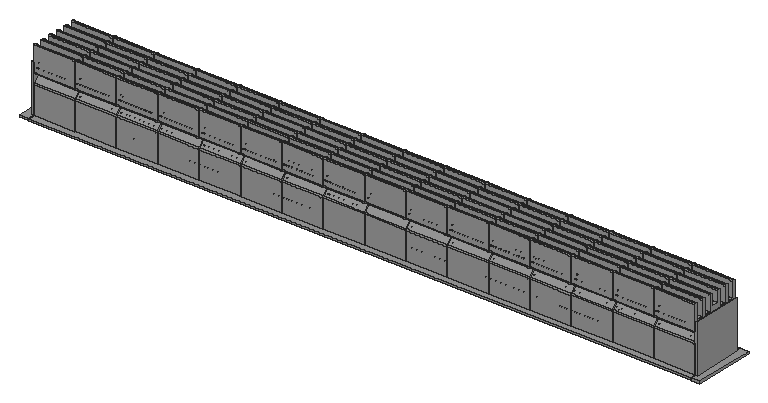
Revit family "Artemide_Sharp_TrimTrimless", category Lighting Fixtures, Revit 2018 (continued)
Types (216, lengths in mm): name | Wattage | V_Trim | V_2Optics | V_1Optic | TotalNumberOfOptics | built-in parameter 1150134 | Photometric Web File | NumberOfOptics | M_Trim | built-in parameter 1150105 | Lumens | built-in parameter 1150107 | built-in parameter 1150106 | URL to O&M Manual | Trim Finish | Trim Colour  | Product Model Number | Overall Length | Output Lumens Direct light | Input Lumens Direct light | Initial Lumens | Emit from Rectangle Length | Efficiency | built-in parameter 1150104 | Distance_RightSideClosure | Colour Temperature
  Sharp_12opticunit_33W_36°_4000K_Trimless_AF70400 | 33 W | no | no | yes | 12 | 12 | "AF70400+AF95201.IES" | 11 | none | 192.2 (stored number, unit not read) | 2415.27 lm | 4000 (stored number, unit not read) | 1.922 (stored number, unit not read) | "https://www.artemide.com/contents/documenti/prodotto/sharp__instructions4465322.pdf" | "-" | "-" | "AF70400" | 441 | 2415 | 498.1 | 804 | 444 | 71 | 6.7996 (stored number, unit not read) | 427.5 | 4000
  Sharp_12opticunit_33W_52°_4000K_Trimless_AF70500 | 33 W | no | no | yes | 12 | 12 | "AF70500+AF95201.IES" | 11 | none | 199.03 (stored number, unit not read) | 2501.07 lm | 4000 (stored number, unit not read) | 1.9903 (stored number, unit not read) | "https://www.artemide.com/contents/documenti/prodotto/sharp__instructions4465322.pdf" | "-" | "-" | "AF70500" | 441 | 2501 | 498.1 | 804 | 444 | 73 | 7.0411 (stored number, unit not read) | 427.5 | 4000
  Sharp_12opticunit_33W_36°_3000K_Trimless_AF70100 | 33 W | no | no | yes | 12 | (empty or 0) | "AF70100+AF95201.IES" | 11 | none | 179.57 (stored number, unit not read) | 2256.54 lm | 3000 (stored number, unit not read) | 1.7957 (stored number, unit not read) | "https://www.artemide.com/contents/documenti/prodotto/sharp__instructions4465322.pdf" | "-" | "-" | "AF70100" | 441 | 2256 | 498.1 | 804 | 444 | 71 | 6.3527 (stored number, unit not read) | 427.5 | 3000
  Sharp_12opticunit_33W_52°_3000K_Trimless_AF70200 | 33 W | no | no | yes | 12 | (empty or 0) | "AF70200+AF95201.IES" | 11 | none | 185.95 (stored number, unit not read) | 2336.73 lm | 3000 (stored number, unit not read) | 1.8595 (stored number, unit not read) | "https://www.artemide.com/contents/documenti/prodotto/sharp__instructions4465322.pdf" | "-" | "-" | "AF70200" | 441 | 2337 | 498.1 | 804 | 444 | 73 | 6.5785 (stored number, unit not read) | 427.5 | 3000
  Sharp_12opticunit_33W_36°_2700K_Trimless_AF69800 | 33 W | no | no | yes | 12 | (empty or 0) | "AF69800+AF95201.IES" | 11 | none | 168.54 (stored number, unit not read) | 2117.94 lm | 2700 (stored number, unit not read) | 1.6854 (stored number, unit not read) | "https://www.artemide.com/contents/documenti/prodotto/sharp__instructions4465322.pdf" | "-" | "-" | "AF69800" | 441 | 417 | 498.1 | 804 | 444 | 71 | 5.9625 (stored number, unit not read) | 427.5 | 2700
  Sharp_12opticunit_33W_52°_2700K_Trimless_AF69900 | 33 W | no | no | yes | 12 | (empty or 0) | "AF69900+AF95201.IES" | 11 | none | 174.53 (stored number, unit not read) | 2193.18 lm | 2700 (stored number, unit not read) | 1.7453 (stored number, unit not read) | "https://www.artemide.com/contents/documenti/prodotto/sharp__instructions4465322.pdf" | "-" | "-" | "AF69900" | 441 | 417 | 498.1 | 804 | 444 | 73 | 6.1743 (stored number, unit not read) | 427.5 | 2700
  Sharp_12opticunit_33W_20°_2700K_Trimless_AF69700 | 33 W | no | no | yes | 12 | (empty or 0) | "AF69700+AF95201.IES" | 11 | none | 180.12 (stored number, unit not read) | 2263.47 lm | 2700 (stored number, unit not read) | 1.8012 (stored number, unit not read) | "https://www.artemide.com/contents/documenti/prodotto/sharp__instructions4465322.pdf" | "-" | "-" | "AF69700" | 441 | 417 | 498.1 | 804 | 444 | 76 | 6.3722 (stored number, unit not read) | 427.5 | 2700
  Sharp_12opticunit_33W_20°_3000K_TrimWhite_AF20001 | 33 W | yes | no | yes | 12 | (empty or 0) | "AF20001+AF95201.IES" | 11 | Artemide_Aluminum_White | 191.91 (stored number, unit not read) | 2411.64 lm | 3000 (stored number, unit not read) | 1.9191 (stored number, unit not read) | "https://www.artemide.com/contents/documenti/prodotto/sharp__instructions4862552.pdf" | "Painted" | "White" | "AF20001" | 441 | 2412 | 3183.96 | 804 | 444 | 76 | 6.7894 (stored number, unit not read) | 427.5 | 3000
  Sharp_12opticunit_33W_20°_4000K_TrimWhite_AF20301 | 33 W | yes | no | yes | 12 | 12 | "AF20301+AF95201.IES" | 11 | Artemide_Aluminum_White | 205.41 (stored number, unit not read) | 2581.26 lm | 4000 (stored number, unit not read) | 2.0541 (stored number, unit not read) | "https://www.artemide.com/contents/documenti/prodotto/sharp__instructions4862552.pdf" | "Painted" | "White" | "AF20301" | 441 | 2581 | 3407.94 | 804 | 444 | 76 | 7.2669 (stored number, unit not read) | 427.5 | 4000
  Sharp_12opticunit_33W_36°_3000K_TrimWhite_AF20101 | 33 W | yes | no | yes | 12 | (empty or 0) | "AF20101+AF95201.IES" | 11 | Artemide_Aluminum_White | 179.57 (stored number, unit not read) | 2256.54 lm | 3000 (stored number, unit not read) | 1.7957 (stored number, unit not read) | "https://www.artemide.com/contents/documenti/prodotto/sharp__instructions4862552.pdf" | "Painted" | "White" | "AF20101" | 441 | 2256 | 3183.96 | 804 | 444 | 71 | 6.3527 (stored number, unit not read) | 427.5 | 3000
  Sharp_12opticunit_33W_36°_4000K_TrimWhite_AF20401 | 33 W | yes | no | yes | 12 | 12 | "AF20401+AF95201.IES" | 11 | Artemide_Aluminum_White | 192.2 (stored number, unit not read) | 2415.27 lm | 4000 (stored number, unit not read) | 1.922 (stored number, unit not read) | "https://www.artemide.com/contents/documenti/prodotto/sharp__instructions4862552.pdf" | "Painted" | "White" | "AF20401" | 441 | 2415 | 3407.94 | 804 | 444 | 71 | 6.7996 (stored number, unit not read) | 427.5 | 4000
  Sharp_12opticunit_33W_52°_3000K_TrimWhite_AF20201 | 33 W | yes | no | yes | 12 | (empty or 0) | "AF20201+AF95201.IES" | 11 | Artemide_Aluminum_White | 185.95 (stored number, unit not read) | 2336.73 lm | 3000 (stored number, unit not read) | 1.8595 (stored number, unit not read) | "https://www.artemide.com/contents/documenti/prodotto/sharp__instructions4862552.pdf" | "Painted" | "White" | "AF20201" | 441 | 2337 | 3183.96 | 804 | 444 | 73 | 6.5785 (stored number, unit not read) | 427.5 | 3000
  Sharp_12opticunit_33W_52°_4000K_TrimWhite_AF20501 | 33 W | yes | no | yes | 12 | 12 | "AF20501+AF95201.IES" | 11 | Artemide_Aluminum_White | 199.03 (stored number, unit not read) | 2501.07 lm | 4000 (stored number, unit not read) | 1.9903 (stored number, unit not read) | "https://www.artemide.com/contents/documenti/prodotto/sharp__instructions4862552.pdf" | "Painted" | "White" | "AF20501" | 441 | 2501 | 3407.94 | 804 | 444 | 73 | 7.0411 (stored number, unit not read) | 427.5 | 4000
  Sharp_12opticunit_33W_20°_3000K_TrimSilver_AF20005 | 33 W | yes | no | yes | 12 | (empty or 0) | "AF20005+AF95201.IES" | 11 | Artemide_Aluminum_BrushedSilver | 191.91 (stored number, unit not read) | 2411.64 lm | 3000 (stored number, unit not read) | 1.9191 (stored number, unit not read) | "https://www.artemide.com/contents/documenti/prodotto/sharp__instructions4862552.pdf" | "Painted" | "Silver" | "AF20005" | 441 | 2412 | 3183.9 | 804 | 444 | 76 | 6.7894 (stored number, unit not read) | 427.5 | 3000
  Sharp_12opticunit_33W_20°_4000K_TrimSilver_AF20305 | 33 W | yes | no | yes | 12 | 12 | "AF20305+AF95201.IES" | 11 | Artemide_Aluminum_BrushedSilver | 205.41 (stored number, unit not read) | 2581.26 lm | 4000 (stored number, unit not read) | 2.0541 (stored number, unit not read) | "https://www.artemide.com/contents/documenti/prodotto/sharp__instructions4862552.pdf" | "Painted" | "Silver" | "AF20305" | 441 | 2581 | 3407.94 | 804 | 444 | 76 | 7.2669 (stored number, unit not read) | 427.5 | 4000
  Sharp_12opticunit_33W_36°_3000K_TrimSilver_AF20105 | 33 W | yes | no | yes | 12 | (empty or 0) | "AF20105+AF95201.IES" | 11 | Artemide_Aluminum_BrushedSilver | 179.57 (stored number, unit not read) | 2256.54 lm | 3000 (stored number, unit not read) | 1.7957 (stored number, unit not read) | "https://www.artemide.com/contents/documenti/prodotto/sharp__instructions4862552.pdf" | "Painted" | "Silver" | "AF20105" | 441 | 2256 | 3183.96 | 804 | 444 | 71 | 6.3527 (stored number, unit not read) | 427.5 | 3000
  Sharp_12opticunit_33W_36°_4000K_TrimSilver_AF20405 | 33 W | yes | no | yes | 12 | 12 | "AF20405+AF95201.IES" | 11 | Artemide_Aluminum_BrushedSilver | 192.2 (stored number, unit not read) | 2415.27 lm | 4000 (stored number, unit not read) | 1.922 (stored number, unit not read) | "https://www.artemide.com/contents/documenti/prodotto/sharp__instructions4862552.pdf" | "Painted" | "Silver" | "AF20405" | 441 | 2415 | 3407.94 | 804 | 444 | 71 | 6.7996 (stored number, unit not read) | 427.5 | 4000
  Sharp_12opticunit_33W_52°_3000K_TrimSilver_AF20205 | 33 W | yes | no | yes | 12 | (empty or 0) | "AF20205+AF95201.IES" | 11 | Artemide_Aluminum_BrushedSilver | 185.95 (stored number, unit not read) | 2336.73 lm | 3000 (stored number, unit not read) | 1.8595 (stored number, unit not read) | "https://www.artemide.com/contents/documenti/prodotto/sharp__instructions4862552.pdf" | "Painted" | "Silver" | "AF20205" | 441 | 2337 | 3183.96 | 804 | 444 | 73 | 6.5785 (stored number, unit not read) | 427.5 | 3000
  Sharp_12opticunit_33W_52°_4000K_TrimSilver_AF20505 | 33 W | yes | no | yes | 12 | 12 | "AF20505+AF95201.IES" | 11 | Artemide_Aluminum_BrushedSilver | 199.03 (stored number, unit not read) | 2501.07 lm | 4000 (stored number, unit not read) | 1.9903 (stored number, unit not read) | "https://www.artemide.com/contents/documenti/prodotto/sharp__instructions4862552.pdf" | "Painted" | "Silver" | "AF20505" | 441 | 2501 | 3407.94 | 804 | 444 | 73 | 7.0411 (stored number, unit not read) | 427.5 | 4000
  Sharp_12opticunit_33W_20°_2700K_TrimSilver_AF19705 | 33 W | yes | no | yes | 12 | (empty or 0) | "AF19705+AF95201.IES" | 11 | Artemide_Aluminum_BrushedSilver | 180.12 (stored number, unit not read) | 2263.47 lm | 2700 (stored number, unit not read) | 1.8012 (stored number, unit not read) | "https://www.artemide.com/contents/documenti/prodotto/sharp__instructions4862552.pdf" | "Painted" | "Silver" | "AF19705" | 441 | 417 | 498.1 | 804 | 444 | 76 | 6.3722 (stored number, unit not read) | 427.5 | 2700
  Sharp_12opticunit_33W_36°_2700K_TrimSilver_AF19805 | 33 W | yes | no | yes | 12 | (empty or 0) | "AF19805+AF95201.IES" | 11 | Artemide_Aluminum_BrushedSilver | 168.54 (stored number, unit not read) | 2117.94 lm | 2700 (stored number, unit not read) | 1.6854 (stored number, unit not read) | "https://www.artemide.com/contents/documenti/prodotto/sharp__instructions4862552.pdf" | "Painted" | "Silver" | "AF19805" | 441 | 417 | 498.1 | 804 | 444 | 71 | 5.9625 (stored number, unit not read) | 427.5 | 2700
  Sharp_12opticunit_33W_52°_2700K_TrimSilver_AF19905 | 33 W | yes | no | yes | 12 | (empty or 0) | "AF19905+AF95201.IES" | 11 | Artemide_Aluminum_BrushedSilver | 174.53 (stored number, unit not read) | 2193.18 lm | 2700 (stored number, unit not read) | 1.7453 (stored number, unit not read) | "https://www.artemide.com/contents/documenti/prodotto/sharp__instructions4862552.pdf" | "Painted" | "Silver" | "AF19905" | 441 | 417 | 498.1 | 804 | 444 | 73 | 6.1743 (stored number, unit not read) | 427.5 | 2700
  Sharp_12opticunit_33W_20°_2700K_TrimWhite_AF19701 | 33 W | yes | no | yes | 12 | (empty or 0) | "AF19701+AF95201.IES" | 11 | Artemide_Aluminum_White | 180.12 (stored number, unit not read) | 2263.47 lm | 2700 (stored number, unit not read) | 1.8012 (stored number, unit not read) | "https://www.artemide.com/contents/documenti/prodotto/sharp__instructions4862552.pdf" | "Painted" | "White" | "AF19701" | 441 | 417 | 498.1 | 804 | 444 | 76 | 6.3722 (stored number, unit not read) | 427.5 | 2700
  Sharp_12opticunit_33W_36°_2700K_TrimWhite_AF19801 | 33 W | yes | no | yes | 12 | (empty or 0) | "AF19801+AF95201.IES" | 11 | Artemide_Aluminum_White | 168.54 (stored number, unit not read) | 2117.94 lm | 2700 (stored number, unit not read) | 1.6854 (stored number, unit not read) | "https://www.artemide.com/contents/documenti/prodotto/sharp__instructions4862552.pdf" | "Painted" | "White" | "AF19801" | 441 | 417 | 498.1 | 804 | 444 | 71 | 5.9625 (stored number, unit not read) | 427.5 | 2700
  Sharp_12opticunit_33W_52°_2700K_TrimWhite_AF19901 | 33 W | yes | no | yes | 12 | (empty or 0) | "AF19901+AF95201.IES" | 11 | Artemide_Aluminum_White | 174.53 (stored number, unit not read) | 2193.18 lm | 2700 (stored number, unit not read) | 1.7453 (stored number, unit not read) | "https://www.artemide.com/contents/documenti/prodotto/sharp__instructions4862552.pdf" | "Painted" | "White" | "AF19901" | 441 | 417 | 498.1 | 804 | 444 | 73 | 6.1743 (stored number, unit not read) | 427.5 | 2700
  Sharp_12opticunit_33W_20°_3000K_TrimBlack_AF20004 | 33 W | yes | no | yes | 12 | (empty or 0) | "AF20004+AF95201.IES" | 11 | Artemide_Aluminum_Black | 191.91 (stored number, unit not read) | 2411.64 lm | 3000 (stored number, unit not read) | 1.9191 (stored number, unit not read) | "https://www.artemide.com/contents/documenti/prodotto/sharp__instructions4862552.pdf" | "Painted" | "Black" | "AF20004" | 441 | 417 | 498.1 | 804 | 444 | 76 | 6.7894 (stored number, unit not read) | 427.5 | 4000
  Sharp_12opticunit_33W_20°_2700K_TrimBlack_AF19704 | 33 W | yes | no | yes | 12 | (empty or 0) | "AF19704+AF95201.IES" | 11 | Artemide_Aluminum_Black | 180.12 (stored number, unit not read) | 2263.47 lm | 2700 (stored number, unit not read) | 1.8012 (stored number, unit not read) | "https://www.artemide.com/contents/documenti/prodotto/sharp__instructions4862552.pdf" | "Painted" | "Black" | "AF19704" | 441 | 417 | 498.1 | 804 | 444 | 76 | 6.3722 (stored number, unit not read) | 427.5 | 2700
  Sharp_12opticunit_33W_36°_2700K_TrimBlack_AF19804 | 33 W | yes | no | yes | 12 | (empty or 0) | "AF19804+AF95201.IES" | 11 | Artemide_Aluminum_Black | 191.91 (stored number, unit not read) | 2411.64 lm | 2700 (stored number, unit not read) | 1.9191 (stored number, unit not read) | "https://www.artemide.com/contents/documenti/prodotto/sharp__instructions4862552.pdf" | "Painted" | "Black" | "AF19804" | 441 | 417 | 498.1 | 804 | 444 | 76 | 6.7894 (stored number, unit not read) | 427.5 | 2700
  Sharp_12opticunit_33W_36°_3000K_TrimBlack_AF20104 | 33 W | yes | no | yes | 12 | (empty or 0) | "AF20104+AF95201.IES" | 11 | Artemide_Aluminum_Black | 179.57 (stored number, unit not read) | 2256.54 lm | 3000 (stored number, unit not read) | 1.7957 (stored number, unit not read) | "https://www.artemide.com/contents/documenti/prodotto/sharp__instructions4862552.pdf" | "Painted" | "Black" | "AF20104" | 441 | 417 | 498.1 | 804 | 444 | 71 | 6.3527 (stored number, unit not read) | 427.5 | 3000
  Sharp_12opticunit_33W_52°_2700K_TrimBlack_AF19904 | 33 W | yes | no | yes | 12 | (empty or 0) | "AF19904+AF95201.IES" | 11 | Artemide_Aluminum_Black | 174.53 (stored number, unit not read) | 2193.18 lm | 2700 (stored number, unit not read) | 1.7453 (stored number, unit not read) | "https://www.artemide.com/contents/documenti/prodotto/sharp__instructions4862552.pdf" | "Painted" | "Black" | "AF19904" | 441 | 417 | 498.1 | 804 | 444 | 73 | 6.1743 (stored number, unit not read) | 427.5 | 2700
  Sharp_12opticunit_33W_52°_3000K_TrimBlack_AF20204 | 33 W | yes | no | yes | 12 | (empty or 0) | "AF20204+AF95201.IES" | 11 | Artemide_Aluminum_Black | 185.95 (stored number, unit not read) | 2336.73 lm | 3000 (stored number, unit not read) | 1.8595 (stored number, unit not read) | "https://www.artemide.com/contents/documenti/prodotto/sharp__instructions4862552.pdf" | "Painted" | "Black" | "AF20204" | 441 | 417 | 498.1 | 804 | 444 | 73 | 6.5785 (stored number, unit not read) | 427.5 | 3000
  Sharp_12opticunit_33W_36°_4000K_TrimBlack_AF20404 | 33 W | yes | no | yes | 12 | 12 | "AF20404+AF95201.IES" | 11 | Artemide_Aluminum_Black | 192.2 (stored number, unit not read) | 2415.27 lm | 4000 (stored number, unit not read) | 1.922 (stored number, unit not read) | "https://www.artemide.com/contents/documenti/prodotto/sharp__instructions4862552.pdf" | "Painted" | "Black" | "AF20404" | 441 | 417 | 498.1 | 804 | 444 | 71 | 6.7996 (stored number, unit not read) | 427.5 | 4000
  Sharp_12opticunit_33W_52°_4000K_TrimBlack_AF20504 | 33 W | yes | no | yes | 12 | 12 | "AF20504+AF95201.IES" | 11 | Artemide_Aluminum_Black | 199.03 (stored number, unit not read) | 2501.07 lm | 4000 (stored number, unit not read) | 1.9903 (stored number, unit not read) | "https://www.artemide.com/contents/documenti/prodotto/sharp__instructions4862552.pdf" | "Painted" | "Black" | "AF20504" | 441 | 417 | 498.1 | 804 | 444 | 73 | 7.0411 (stored number, unit not read) | 427.5 | 4000
  Sharp_12opticunit_33W_20°_4000K_TrimBlack_AF20304 | 33 W | yes | no | yes | 12 | 12 | "AF20304+AF95201.IES" | 11 | Artemide_Aluminum_Black | 205.41 (stored number, unit not read) | 2581.26 lm | 4000 (stored number, unit not read) | 2.0541 (stored number, unit not read) | "https://www.artemide.com/contents/documenti/prodotto/sharp__instructions4862552.pdf" | "Painted" | "Black" | "AF20304" | 441 | 417 | 498.1 | 804 | 444 | 76 | 7.2669 (stored number, unit not read) | 427.5 | 4000
  Sharp_16opticunit_44W_20°_3000K_Trimless_AF75000 | 44 W | no | no | yes | 16 | (empty or 0) | "AF75000+AF95201.IES" | 15 | none | 255.88 (stored number, unit not read) | 3215.52 lm | 3000 (stored number, unit not read) | 2.5588 (stored number, unit not read) | "https://www.artemide.com/contents/documenti/prodotto/sharp__instructions4465322.pdf" | "-" | "-" | "AF75000" | 589 | 3215 | 498.1 | 804 | 592 | 76 | 6.7894 (stored number, unit not read) | 575.5 | 3000
  Sharp_16opticunit_44W_20°_4000K_Trimless_AF75300 | 44 W | no | no | yes | 16 | 12 | "AF75300+AF95201.IES" | 15 | none | 273.88 (stored number, unit not read) | 3441.68 lm | 4000 (stored number, unit not read) | 2.7388 (stored number, unit not read) | "https://www.artemide.com/contents/documenti/prodotto/sharp__instructions4465322.pdf" | "-" | "-" | "AF75300" | 589 | 3442 | 498.1 | 804 | 592 | 76 | 7.2669 (stored number, unit not read) | 575.5 | 4000
  Sharp_16opticunit_44W_36°_3000K_Trimless_AF75100 | 44 W | no | no | yes | 16 | (empty or 0) | "AF75100+AF95201.IES" | 15 | none | 239.43 (stored number, unit not read) | 3008.72 lm | 3000 (stored number, unit not read) | 2.3943 (stored number, unit not read) | "https://www.artemide.com/contents/documenti/prodotto/sharp__instructions4465322.pdf" | "-" | "-" | "AF75100" | 589 | 3009 | 498.1 | 804 | 592 | 71 | 6.3527 (stored number, unit not read) | 575.5 | 3000
  Sharp_16opticunit_44W_36°_4000K_Trimless_AF75400 | 44 W | no | no | yes | 16 | 12 | "AF75400+AF95201.IES" | 15 | none | 256.27 (stored number, unit not read) | 3220.36 lm | 4000 (stored number, unit not read) | 2.5627 (stored number, unit not read) | "https://www.artemide.com/contents/documenti/prodotto/sharp__instructions4465322.pdf" | "-" | "-" | "AF75400" | 589 | 3220 | 498.1 | 804 | 592 | 71 | 6.7996 (stored number, unit not read) | 575.5 | 4000
  Sharp_16opticunit_44W_52°_3000K_Trimless_AF75200 | 44 W | no | no | yes | 16 | (empty or 0) | "AF75200+AF95201.IES" | 15 | none | 247.93 (stored number, unit not read) | 3115.64 lm | 3000 (stored number, unit not read) | 2.4793 (stored number, unit not read) | "https://www.artemide.com/contents/documenti/prodotto/sharp__instructions4465322.pdf" | "-" | "-" | "AF75200" | 589 | 3116 | 498.1 | 804 | 592 | 73 | 6.5785 (stored number, unit not read) | 575.5 | 3000
  Sharp_16opticunit_44W_52°_4000K_Trimless_AF75500 | 44 W | no | no | yes | 16 | 12 | "AF75500+AF95201.IES" | 15 | none | 265.37 (stored number, unit not read) | 3334.76 lm | 4000 (stored number, unit not read) | 2.6537 (stored number, unit not read) | "https://www.artemide.com/contents/documenti/prodotto/sharp__instructions4465322.pdf" | "-" | "-" | "AF75500" | 589 | 3335 | 498.1 | 804 | 592 | 73 | 7.0411 (stored number, unit not read) | 575.5 | 4000
  Sharp_16opticunit_44W_20°_2700K_Trimless_AF74700 | 44 W | no | no | yes | 16 | (empty or 0) | "AF74700+AF95201.IES" | 15 | none | 240.16 (stored number, unit not read) | 3017.96 lm | 2700 (stored number, unit not read) | 2.4016 (stored number, unit not read) | "https://www.artemide.com/contents/documenti/prodotto/sharp__instructions4465322.pdf" | "-" | "-" | "AF74700" | 589 | 417 | 498.1 | 804 | 592 | 76 | 6.3722 (stored number, unit not read) | 575.5 | 2700
  Sharp_16opticunit_44W_52°_2700K_Trimless_AF74900 | 44 W | no | no | yes | 16 | (empty or 0) | "AF74900+AF95201.IES" | 15 | none | 232.7 (stored number, unit not read) | 2924.24 lm | 2700 (stored number, unit not read) | 2.327 (stored number, unit not read) | "https://www.artemide.com/contents/documenti/prodotto/sharp__instructions4465322.pdf" | "-" | "-" | "AF74900" | 589 | 417 | 498.1 | 804 | 592 | 73 | 6.1743 (stored number, unit not read) | 575.5 | 2700
  Sharp_16opticunit_44W_36°_2700K_Trimless_AF74800 | 44 W | no | no | yes | 16 | (empty or 0) | "AF74800+AF95201.IES" | 15 | none | 224.72 (stored number, unit not read) | 2823.92 lm | 2700 (stored number, unit not read) | 2.2472 (stored number, unit not read) | "https://www.artemide.com/contents/documenti/prodotto/sharp__instructions4465322.pdf" | "-" | "-" | "AF74800" | 589 | 417 | 498.1 | 804 | 592 | 71 | 5.9625 (stored number, unit not read) | 575.5 | 2700
  Sharp_16opticunit_44W_20°_3000K_TrimWhite_AF25001 | 44 W | yes | no | yes | 16 | (empty or 0) | "AF25001+AF95201.IES" | 15 | Artemide_Aluminum_White | 255.88 (stored number, unit not read) | 3215.52 lm | 3000 (stored number, unit not read) | 2.5588 (stored number, unit not read) | "https://www.artemide.com/contents/documenti/prodotto/sharp__instructions4862552.pdf" | "Painted" | "White" | "AF25001" | 589 | 3215 | 4245.28 | 804 | 592 | 76 | 6.7894 (stored number, unit not read) | 575.5 | 3000
  Sharp_16opticunit_44W_20°_4000K_TrimWhite_AF25301 | 44 W | yes | no | yes | 16 | 12 | "AF25301+AF95201.IES" | 15 | Artemide_Aluminum_White | 273.88 (stored number, unit not read) | 3441.68 lm | 4000 (stored number, unit not read) | 2.7388 (stored number, unit not read) | "https://www.artemide.com/contents/documenti/prodotto/sharp__instructions4862552.pdf" | "Painted" | "White" | "AF25301" | 589 | 3442 | 4543.91 | 804 | 592 | 76 | 7.2669 (stored number, unit not read) | 575.5 | 4000
  Sharp_16opticunit_44W_36°_3000K_TrimWhite_AF25101 | 44 W | yes | no | yes | 16 | (empty or 0) | "AF25101+AF95201.IES" | 15 | Artemide_Aluminum_White | 239.43 (stored number, unit not read) | 3008.72 lm | 3000 (stored number, unit not read) | 2.3943 (stored number, unit not read) | "https://www.artemide.com/contents/documenti/prodotto/sharp__instructions4862552.pdf" | "Painted" | "White" | "AF25101" | 589 | 3009 | 4245.28 | 804 | 592 | 71 | 6.3527 (stored number, unit not read) | 575.5 | 3000
  Sharp_16opticunit_44W_36°_4000K_TrimWhite_AF25401 | 44 W | yes | no | yes | 16 | 12 | "AF25401+AF95201.IES" | 15 | Artemide_Aluminum_White | 256.27 (stored number, unit not read) | 3220.36 lm | 4000 (stored number, unit not read) | 2.5627 (stored number, unit not read) | "https://www.artemide.com/contents/documenti/prodotto/sharp__instructions4862552.pdf" | "Painted" | "White" | "AF25401" | 589 | 3220 | 4543.91 | 804 | 592 | 71 | 6.7996 (stored number, unit not read) | 575.5 | 4000
  Sharp_16opticunit_44W_52°_3000K_TrimWhite_AF25201 | 44 W | yes | no | yes | 16 | (empty or 0) | "AF25201+AF95201.IES" | 15 | Artemide_Aluminum_White | 247.93 (stored number, unit not read) | 3115.64 lm | 3000 (stored number, unit not read) | 2.4793 (stored number, unit not read) | "https://www.artemide.com/contents/documenti/prodotto/sharp__instructions4862552.pdf" | "Painted" | "White" | "AF25201" | 589 | 3116 | 4245.28 | 804 | 592 | 73 | 6.5785 (stored number, unit not read) | 575.5 | 3000
  Sharp_16opticunit_44W_52°_4000K_TrimWhite_AF25501 | 44 W | yes | no | yes | 16 | 12 | "AF25501+AF95201.IES" | 15 | Artemide_Aluminum_White | 265.37 (stored number, unit not read) | 3334.76 lm | 4000 (stored number, unit not read) | 2.6537 (stored number, unit not read) | "https://www.artemide.com/contents/documenti/prodotto/sharp__instructions4862552.pdf" | "Painted" | "White" | "AF25501" | 589 | 3335 | 4543.91 | 804 | 592 | 73 | 7.0411 (stored number, unit not read) | 575.5 | 4000
  Sharp_16opticunit_44W_20°_3000K_TrimSilver_AF25005 | 44 W | yes | no | yes | 16 | (empty or 0) | "AF25005+AF95201.IES" | 15 | Artemide_Aluminum_BrushedSilver | 255.88 (stored number, unit not read) | 3215.52 lm | 3000 (stored number, unit not read) | 2.5588 (stored number, unit not read) | "https://www.artemide.com/contents/documenti/prodotto/sharp__instructions4862552.pdf" | "Painted" | "Silver" | "AF25005" | 589 | 3215 | 4245.28 | 804 | 592 | 76 | 6.7894 (stored number, unit not read) | 575.5 | 3000
  Sharp_16opticunit_44W_20°_4000K_TrimSilver_AF25305 | 44 W | yes | no | yes | 16 | 12 | "AF25305+AF95201.IES" | 15 | Artemide_Aluminum_BrushedSilver | 273.88 (stored number, unit not read) | 3441.68 lm | 4000 (stored number, unit not read) | 2.7388 (stored number, unit not read) | "https://www.artemide.com/contents/documenti/prodotto/sharp__instructions4862552.pdf" | "Painted" | "Silver" | "AF25305" | 589 | 3442 | 4543.91 | 804 | 592 | 76 | 7.2669 (stored number, unit not read) | 575.5 | 4000
  Sharp_16opticunit_44W_36°_3000K_TrimSilver_AF25105 | 44 W | yes | no | yes | 16 | (empty or 0) | "AF25105+AF95201.IES" | 15 | Artemide_Aluminum_BrushedSilver | 239.43 (stored number, unit not read) | 3008.72 lm | 3000 (stored number, unit not read) | 2.3943 (stored number, unit not read) | "https://www.artemide.com/contents/documenti/prodotto/sharp__instructions4862552.pdf" | "Painted" | "Silver" | "AF25105" | 589 | 3009 | 4245.28 | 804 | 592 | 71 | 6.3527 (stored number, unit not read) | 575.5 | 3000
  Sharp_16opticunit_44W_36°_4000K_TrimSilver_AF25405 | 44 W | yes | no | yes | 16 | 12 | "AF25405+AF95201.IES" | 15 | Artemide_Aluminum_BrushedSilver | 256.27 (stored number, unit not read) | 3220.36 lm | 4000 (stored number, unit not read) | 2.5627 (stored number, unit not read) | "https://www.artemide.com/contents/documenti/prodotto/sharp__instructions4862552.pdf" | "Painted" | "Silver" | "AF25405" | 589 | 3220 | 4543.91 | 804 | 592 | 71 | 6.7996 (stored number, unit not read) | 575.5 | 4000
  Sharp_16opticunit_44W_52°_3000K_TrimSilver_AF25205 | 44 W | yes | no | yes | 16 | (empty or 0) | "AF25205+AF95201.IES" | 15 | Artemide_Aluminum_BrushedSilver | 247.93 (stored number, unit not read) | 3115.64 lm | 3000 (stored number, unit not read) | 2.4793 (stored number, unit not read) | "https://www.artemide.com/contents/documenti/prodotto/sharp__instructions4862552.pdf" | "Painted" | "Silver" | "AF25205" | 589 | 3116 | 4245.28 | 804 | 592 | 73 | 6.5785 (stored number, unit not read) | 575.5 | 3000
  Sharp_16opticunit_44W_52°_4000K_TrimSilver_AF25505 | 44 W | yes | no | yes | 16 | 12 | "AF25505+AF95201.IES" | 15 | Artemide_Aluminum_BrushedSilver | 265.37 (stored number, unit not read) | 3334.76 lm | 4000 (stored number, unit not read) | 2.6537 (stored number, unit not read) | "https://www.artemide.com/contents/documenti/prodotto/sharp__instructions4862552.pdf" | "Painted" | "Silver" | "AF25505" | 589 | 3335 | 4543.91 | 804 | 592 | 73 | 7.0411 (stored number, unit not read) | 575.5 | 4000
  Sharp_16opticunit_44W_36°_2700K_TrimSilver_AF24805 | 44 W | yes | no | yes | 16 | (empty or 0) | "AF24805+AF95201.IES" | 15 | Artemide_Aluminum_BrushedSilver | 224.72 (stored number, unit not read) | 2823.92 lm | 2700 (stored number, unit not read) | 2.2472 (stored number, unit not read) | "https://www.artemide.com/contents/documenti/prodotto/sharp__instructions4862552.pdf" | "Painted" | "Silver" | "AF24805" | 589 | 417 | 498.1 | 804 | 592 | 71 | 5.9625 (stored number, unit not read) | 575.5 | 2700
  Sharp_16opticunit_44W_52°_2700K_TrimSilver_AF24905 | 44 W | yes | no | yes | 16 | (empty or 0) | "AF24905+AF95201.IES" | 15 | Artemide_Aluminum_BrushedSilver | 232.7 (stored number, unit not read) | 2924.24 lm | 2700 (stored number, unit not read) | 2.327 (stored number, unit not read) | "https://www.artemide.com/contents/documenti/prodotto/sharp__instructions4862552.pdf" | "Painted" | "Silver" | "AF24905" | 589 | 417 | 498.1 | 804 | 592 | 73 | 6.1743 (stored number, unit not read) | 575.5 | 2700
  Sharp_16opticunit_44W_20°_2700K_TrimSilver_AF24705 | 44 W | yes | no | yes | 16 | (empty or 0) | "AF24705+AF95201.IES" | 15 | Artemide_Aluminum_BrushedSilver | 240.16 (stored number, unit not read) | 3017.96 lm | 2700 (stored number, unit not read) | 2.4016 (stored number, unit not read) | "https://www.artemide.com/contents/documenti/prodotto/sharp__instructions4862552.pdf" | "Painted" | "Silver" | "AF24705" | 589 | 417 | 498.1 | 804 | 592 | 76 | 6.3722 (stored number, unit not read) | 575.5 | 2700
  Sharp_16opticunit_44W_20°_2700K_TrimWhite_AF24701 | 44 W | yes | no | yes | 16 | (empty or 0) | "AF24701+AF95201.IES" | 15 | Artemide_Aluminum_White | 240.16 (stored number, unit not read) | 3017.96 lm | 2700 (stored number, unit not read) | 2.4016 (stored number, unit not read) | "https://www.artemide.com/contents/documenti/prodotto/sharp__instructions4862552.pdf" | "Painted" | "White" | "AF24701" | 589 | 417 | 498.1 | 804 | 592 | 76 | 6.3722 (stored number, unit not read) | 575.5 | 2700
  Sharp_16opticunit_44W_52°_2700K_TrimWhite_AF24901 | 44 W | yes | no | yes | 16 | (empty or 0) | "AF24901+AF95201.IES" | 15 | Artemide_Aluminum_White | 232.7 (stored number, unit not read) | 2924.24 lm | 2700 (stored number, unit not read) | 2.327 (stored number, unit not read) | "https://www.artemide.com/contents/documenti/prodotto/sharp__instructions4862552.pdf" | "Painted" | "White" | "AF24901" | 589 | 417 | 498.1 | 804 | 592 | 73 | 6.1743 (stored number, unit not read) | 575.5 | 2700
  Sharp_16opticunit_44W_36°_2700K_TrimWhite_AF24801 | 44 W | yes | no | yes | 16 | (empty or 0) | "AF24801+AF95201.IES" | 15 | Artemide_Aluminum_White | 224.72 (stored number, unit not read) | 2823.92 lm | 2700 (stored number, unit not read) | 2.2472 (stored number, unit not read) | "https://www.artemide.com/contents/documenti/prodotto/sharp__instructions4862552.pdf" | "Painted" | "White" | "AF24801" | 589 | 417 | 498.1 | 804 | 592 | 71 | 5.9625 (stored number, unit not read) | 575.5 | 2700
  Sharp_16opticunit_44W_20°_4000K_TrimBlack_AF25304 | 44 W | yes | no | yes | 16 | 12 | "AF25304+AF95201.IES" | 15 | Artemide_Aluminum_Black | 273.88 (stored number, unit not read) | 3441.68 lm | 4000 (stored number, unit not read) | 2.7388 (stored number, unit not read) | "https://www.artemide.com/contents/documenti/prodotto/sharp__instructions4862552.pdf" | "Painted" | "Black" | "AF25304" | 589 | 417 | 498.1 | 804 | 592 | 76 | 7.2669 (stored number, unit not read) | 575.5 | 4000
  Sharp_16opticunit_44W_36°_4000K_TrimBlack_AF25404 | 44 W | yes | no | yes | 16 | 12 | "AF25404+AF95201.IES" | 15 | Artemide_Aluminum_Black | 256.27 (stored number, unit not read) | 3220.36 lm | 4000 (stored number, unit not read) | 2.5627 (stored number, unit not read) | "https://www.artemide.com/contents/documenti/prodotto/sharp__instructions4862552.pdf" | "Painted" | "Black" | "AF25404" | 589 | 417 | 498.1 | 804 | 592 | 71 | 6.7996 (stored number, unit not read) | 575.5 | 4000
  Sharp_16opticunit_44W_52°_4000K_TrimBlack_AF25504 | 44 W | yes | no | yes | 16 | 12 | "AF25504+AF95201.IES" | 15 | Artemide_Aluminum_Black | 265.37 (stored number, unit not read) | 3334.76 lm | 4000 (stored number, unit not read) | 2.6537 (stored number, unit not read) | "https://www.artemide.com/contents/documenti/prodotto/sharp__instructions4862552.pdf" | "Painted" | "Black" | "AF25504" | 589 | 417 | 498.1 | 804 | 592 | 73 | 7.0411 (stored number, unit not read) | 575.5 | 4000
  Sharp_16opticunit_44W_36°_2700K_TrimBlack_AF24804 | 44 W | yes | no | yes | 16 | (empty or 0) | "AF24804+AF95201.IES" | 15 | Artemide_Aluminum_Black | 224.72 (stored number, unit not read) | 2823.92 lm | 2700 (stored number, unit not read) | 2.2472 (stored number, unit not read) | "https://www.artemide.com/contents/documenti/prodotto/sharp__instructions4862552.pdf" | "Painted" | "Black" | "AF24804" | 589 | 417 | 498.1 | 804 | 592 | 71 | 5.9625 (stored number, unit not read) | 575.5 | 2700
  Sharp_16opticunit_44W_36°_3000K_TrimBlack_AF25104 | 44 W | yes | no | yes | 16 | (empty or 0) | "AF25104+AF95201.IES" | 15 | Artemide_Aluminum_Black | 239.43 (stored number, unit not read) | 3008.72 lm | 3000 (stored number, unit not read) | 2.3943 (stored number, unit not read) | "https://www.artemide.com/contents/documenti/prodotto/sharp__instructions4862552.pdf" | "Painted" | "Black" | "AF25104" | 589 | 417 | 498.1 | 804 | 592 | 71 | 6.3527 (stored number, unit not read) | 575.5 | 3000
  Sharp_16opticunit_44W_52°_2700K_TrimBlack_AF24904 | 44 W | yes | no | yes | 16 | (empty or 0) | "AF24904+AF95201.IES" | 15 | Artemide_Aluminum_Black | 232.7 (stored number, unit not read) | 2924.24 lm | 2700 (stored number, unit not read) | 2.327 (stored number, unit not read) | "https://www.artemide.com/contents/documenti/prodotto/sharp__instructions4862552.pdf" | "Painted" | "Black" | "AF24904" | 589 | 417 | 498.1 | 804 | 592 | 73 | 6.1743 (stored number, unit not read) | 575.5 | 2700
  Sharp_16opticunit_44W_52°_3000K_TrimBlack_AF25204 | 44 W | yes | no | yes | 16 | (empty or 0) | "AF25204+AF95201.IES" | 15 | Artemide_Aluminum_Black | 247.93 (stored number, unit not read) | 3115.64 lm | 3000 (stored number, unit not read) | 2.4793 (stored number, unit not read) | "https://www.artemide.com/contents/documenti/prodotto/sharp__instructions4862552.pdf" | "Painted" | "Black" | "AF25204" | 589 | 417 | 498.1 | 804 | 592 | 73 | 6.5785 (stored number, unit not read) | 575.5 | 3000
  Sharp_16opticunit_44W_20°_2700K_TrimBlack_AF24704 | 44 W | yes | no | yes | 16 | (empty or 0) | "AF24704+AF95201.IES" | 15 | Artemide_Aluminum_Black | 240.16 (stored number, unit not read) | 3017.96 lm | 2700 (stored number, unit not read) | 2.4016 (stored number, unit not read) | "https://www.artemide.com/contents/documenti/prodotto/sharp__instructions4862552.pdf" | "Painted" | "Black" | "AF24704" | 589 | 417 | 498.1 | 804 | 592 | 76 | 6.3722 (stored number, unit not read) | 575.5 | 2700
  Sharp_16opticunit_44W_20°_3000K_TrimBlack_AF25004 | 44 W | yes | no | yes | 16 | (empty or 0) | "AF25004+AF95201.IES" | 15 | Artemide_Aluminum_Black | 255.88 (stored number, unit not read) | 3215.52 lm | 3000 (stored number, unit not read) | 2.5588 (stored number, unit not read) | "https://www.artemide.com/contents/documenti/prodotto/sharp__instructions4862552.pdf" | "Painted" | "Black" | "AF25004" | 589 | 417 | 498.1 | 804 | 592 | 76 | 6.7894 (stored number, unit not read) | 575.5 | 3000
